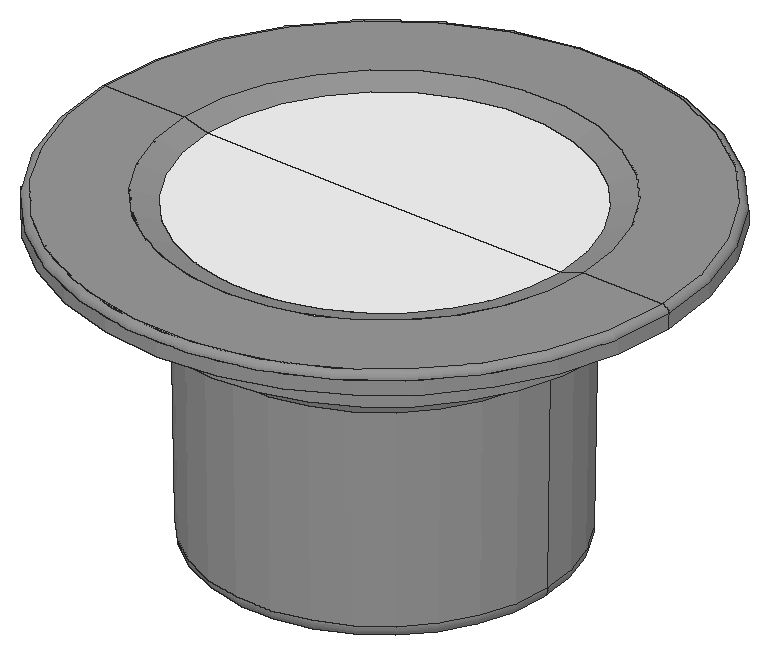
Revit family "0005373", category Lighting Fixtures, host Face, Revit 2016
Family settings
  Host = Face
  Part Type = Normal
  Round Connector Dimension = Use Diameter
  OmniClass Number = 23.80.70.00
  OmniClass Title = Lighting
  Cut with Voids When Loaded = No
  Light Source = Yes
  Shared = No
  Room Calculation Point = No
Parameters (values of type "0005373 START eco Spot 540lm 830 IP65 WHT")
  Weight = "kg"
  Wattage Comments = ""
  Wattage = 6.5 W
  WarrantyStartDate [instance] = "n/a"
  WarrantyGuarantorParts = "n/a"
  WarrantyDurationUnit = "n/a"
  WarrantyDurationParts = "n/a"
  WarrantyDescription = "n/a"
  built-in parameter 1150110 = 1 (stored number, unit not read)
  Voltage = 230 V
  URL = "http://www.sylvania-lighting.com"
  TypeName = "Start eco Spot 540lm 830 IP65 WHT"
  Type Image = <None>
  Type Comments = "n/a"
  built-in parameter 1114217 = 1 (stored number, unit not read)
  Tilt Angle = -90.00°
  built-in parameter 1150109 = 1 (stored number, unit not read)
  built-in parameter 1150134 = (empty or 0)
  built-in parameter 1150113 = 1 (stored number, unit not read)
  SerialNumber [instance] = "n/a"
  Photometric Web File = "0005373.ies"
  Material_3_SYL = none
  PowerFactor = 0
  PowerConsumption = "6.5 W"
  NominalLength = 87 mm
  NominalHeight = 47 mm
  NominalDepth = 87 mm
  Name = "Start eco Spot 540lm 830 IP65 WHT"
  ModelReference = Name  # "Start eco Spot 540lm 830 IP65 WHT"
  ModelNumber = "0005373"
  Model = Name  # "Start eco Spot 540lm 830 IP65 WHT"
  Material = "n/a"
  ManufacturerName = "Feilo Sylvania"
  Manufacturer = "Feilo Sylvania"
  LuminousEfficacy = "83.07 lm/W"
  built-in parameter 1150105 = 205.95 (stored number, unit not read)
  Lumens = 540 lm
  LuminaireType = ""
  built-in parameter 1150115 = 1 (stored number, unit not read)
  LightOutputRatio = "n/a"
  built-in parameter 1150137 = (empty or 0)
  built-in parameter 1150139 = (empty or 0)
  LampsType = Lamp  # "LED"
  LampNominalLuminous = "n/a"
  LampMacAdamStep = "n/a"
  LampColourTemperature = "3000 K"
  LampColourRenderingIndex = "n/a"
  built-in parameter 1150112 = 1 (stored number, unit not read)
  built-in parameter 1150114 = 1 (stored number, unit not read)
  Lamp = "LED"
  Keynote = "16500"
  InstallationDate [instance] = "n/a"
  InputVoltage = "220-240 V~"
  InputNominalFrequency = "50/60/Hz"
  built-in parameter 1150132 = (empty or 0)
  built-in parameter 1150102 = (empty or 0)
  built-in parameter 1150107 = 3000 (stored number, unit not read)
  built-in parameter 1150138 = (empty or 0)
  IngressProtection = "IP20/IP65"
  ImpactProtectionIndex = "IK03"
  built-in parameter 1150106 = 2.0595 (stored number, unit not read)
  IfcExportType = "IfcLightFixtureType"
  IfcExportAs = "IfcLightFixtureType"
  Emit from Circle Diameter = 54 mm
  Emit Shape Visible in Rendering = no
  ElectricShockClassification = "Class II"
  built-in parameter 1150104 = 7.7181 (stored number, unit not read)
  DocumentationLiterature = "http://www.sylvania-lighting.com/product/en-int/products/0005373"
  DimmingControlOptions = "Non dimmable"
  Material_2_SYL = Diffuser-Sylvania
  Dimming Lamp Color Temperature Shift = <None>
  Description = ""
  Default Elevation = 1219.2 mm
  CreatedOn = "3/7/2019"
  CreatedBy = "@sylvania-lighting.com"
  Cost = 0
  Color Filter = 16777215
  built-in parameter 1114216 [instance] = (empty or 0)
  ClassificationValue = "EF_70_80"
  ClassificationName = "Uniclass2015"
  Material_1_SYL = Plastic, Opaque White
  BarCode [instance] = "n/a"
  built-in parameter 1114218 = 1 (stored number, unit not read)
  built-in parameter 1150133 = 10 (stored number, unit not read)
  AssetType = "Fixed"
  AssetIdentifier [instance] = "n/a"
  Assembly Code = "D5020200"
  Apparent Load = 6.5 VA
  Material_4_SYL = none
Reference planes
  plane 1 "Center (Front/Back)": y = 0
  plane 2: z = 0
  plane 3 "Center (Left/Right)": x = 0
  plane 4: x = -35
  plane 5: z = -100
  plane 6: z = 3
  plane 7: x = -43.5
  plane 8: z = 2
  plane 9: x = -42.5
  plane 10: x = -30.5
  plane 11: x = -27
  plane 12: x = -33
  plane 13: z = -7.5
  plane 14: z = -9.5
  plane 15: x = -25.5
  plane 16: z = -12.5
  plane 17: z = -44
  plane 18: x = -25
Forms (mm)
  Revolve 1, void
    sketch origin (0, 0, 0) x (1, 0, 0) y (0, 0, 1)
      loop
        line (0, 0) -> (-35, 0) -> (-35, -100) -> (0, -100) -> (0, 0)
      axis (0, 0) -> (0, -100)
    angle from 360 to 0
  Revolve 2, solid, material "Plastic, Opaque White" <- "Material_1_SYL"
    sketch origin (0, 0, 0) x (1, 0, 0) y (0, 0, 1)
      loop
        line (0, 2) -> (-27, 2) -> (-30.5, 3) -> (-42.5, 3)
        arc (-42.5, 3) -> (-43.207, 2.707) -> (-43.5, 2) r 1
        line (-43.5, 2) -> (-43.5, 0) -> (-33, 0) -> (-33, -7.5) -> (-27, -7.5) -> (-27, -9.5) -> (-25.5, -12.5) -> (-25.031, -42.032)
        arc (-25.031, -42.032) -> (-24.434, -43.425) -> (-23.031, -44) r 2
        line (-23.031, -44) -> (0, -44) -> (0, 2)
      axis (0, 3) -> (0, -44)
    angle from 360 to 0
Lines and regions (mm)
  reference lines
    curve 1: line (-25, 0, -44) -> (-25.5, 0, -12.5)
Dimensions and locks
  locked: plane 3 "Center (Left/Right)" to plane 4 at 35
  locked: plane 2 to plane 5 at 100
  locked: plane 6 to plane 2 at 3
  locked: plane 3 "Center (Left/Right)" to plane 7 at 43.5
  locked: plane 6 to plane 8 at 1
  locked: plane 9 to plane 7 at 1
  locked: plane 3 "Center (Left/Right)" to plane 10 at 30.5
  locked: plane 3 "Center (Left/Right)" to plane 11 at 27
  locked: plane 3 "Center (Left/Right)" to plane 12 at 33
  locked: plane 2 to plane 13 at 7.5
  locked: plane 13 to plane 14 at 2
  locked: plane 3 "Center (Left/Right)" to plane 15 at 25.5
  locked: plane 14 to plane 16 at 3
  locked: plane 6 to plane 17 at 47
  locked: plane 3 "Center (Left/Right)" to plane 18 at 25
  aligned and locked: plane 2 to host face
  aligned and locked: level to host face
  aligned and locked: Revolve 1 sketch curve to plane 3 "Center (Left/Right)"
  aligned and locked: level to Revolve 1 sketch curve
  aligned and locked: plane 3 "Center (Left/Right)" to Revolve 1 sketch curve
  aligned and locked: Revolve 1 sketch curve to plane 4
  aligned and locked: plane 5 to Revolve 1 sketch curve
  aligned and locked: plane 3 "Center (Left/Right)" to Revolve 2 sketch curve  (x2)
  aligned and locked: Revolve 2 sketch curve to plane 8
  aligned and locked: plane 6 to Revolve 2 sketch curve
  aligned and locked: Revolve 2 sketch curve to plane 6
  aligned and locked: level to Revolve 2 sketch curve
  aligned and locked: Revolve 2 sketch curve to plane 7
  aligned and locked: plane 12 to Revolve 2 sketch curve
  aligned and locked: Revolve 2 sketch curve to level
  aligned and locked: Revolve 2 sketch curve to plane 12
  aligned and locked: plane 13 to Revolve 2 sketch curve
  aligned and locked: plane 9 to Revolve 2 sketch curve
  aligned and locked: plane 8 to Revolve 2 sketch curve
  aligned and locked: plane 14 to Revolve 2 sketch curve
  aligned and locked: Revolve 2 sketch curve to plane 11
  aligned and locked: plane 15 to Revolve 2 sketch curve
  aligned and locked: plane 17 to Revolve 2 sketch curve
  aligned and locked: plane 18 to curve 1
  aligned and locked: plane 17 to curve 1
  aligned and locked: plane 16 to curve 1
  aligned and locked: plane 15 to curve 1
  aligned and locked: Revolve 2 sketch curve to curve 1
  aligned and locked: plane 3 "Center (Left/Right)" to imposter light
  aligned and locked: imposter light to plane 8
  aligned and locked: imposter light to plane 1 "Center (Front/Back)"
Connectors
  electrical at (0, 0, 0), driven by "Apparent Load", driven by "PowerFactor", driven by "Voltage"
    settings: index 1, voltage 230 V, apparent load 6.5 VA, apparent load phase1 0 VA, apparent load phase2 0 VA, apparent load phase3 0 VA, power factor 0, load classification "Lighting", number of poles 1, system type 30, power factor state 1, is connector primary yes, connector utility no, sub classification motor no, connector description ""
